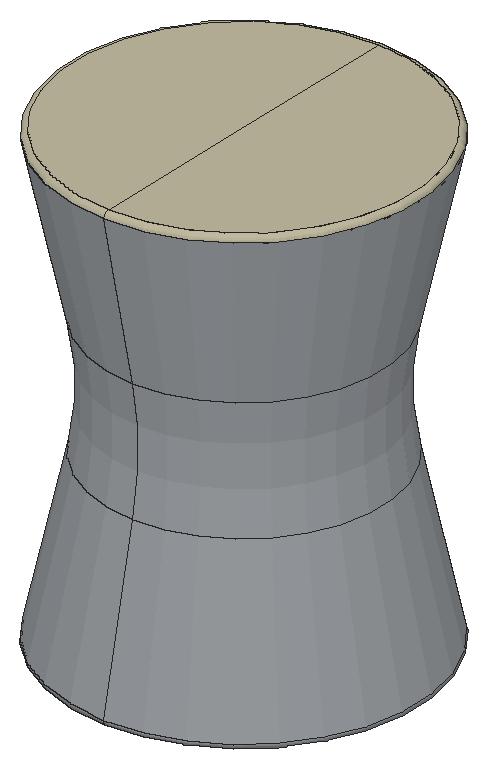
Revit family
Parameters
  URL = "http://www.martinbrattrud.com"
  Table Top [instance] = none
  Table [instance] = none
  SCS Certified Product = "Yes"
  Model = "Makayla 3310-15CH"
  Manufacturer = "Martin Brattrud, Inc."
  Keynote = "125000"
  Foot [instance] = none
  Copyright = "© 2013 Martin Brattrud, Inc."
  Authoring Version = "Revit Architecture 2010"
  Assembly Code = "E2020200"
Reference planes (in)
  plane 1 "Center Front/Back": y = 0
  plane 2: z = 0
  plane 3 "Center Left/Right": x = 0
Forms (in)
  Revolve 1, solid, material <- "Foot"
    sketch origin (0, -6.74282, 48) x (0, -1, 0) y (0, 0, 1)
      loop
        line (-0.375, -48) -> (-0.375, -47.75) -> (-0.75, -47.75) -> (-0.75, -47.90625)
        arc (-0.75, -47.90625) -> (-0.72254, -47.97254) -> (-0.65625, -48) r 0.09375
        line (-0.65625, -48) -> (-0.375, -48)
      axis (-0.375, -48) -> (-0.375, -47.75)
    angle from 0 to 360
  Revolve 2, solid, material <- "Table"
    sketch origin (0, 0, 0) x (0, 1, 0) y (0, 0, 1)
      loop
        line (0, 19.75) -> (-7.5, 19.75) -> (-5.93612, 12.73672)
        arc (-5.93612, 12.73672) -> (-5.64846, 10.125) -> (-5.93612, 7.51328) r 12
        line (-5.93612, 7.51328) -> (-7.50484, 0.47831)
        arc (-7.50484, 0.47831) -> (-7.46813, 0.32023) -> (-7.32183, 0.25) r 0.1875
        line (-7.32183, 0.25) -> (0, 0.25) -> (0, 19.75)
      axis (0, 19.75) -> (0, 0.25)
    angle from 0 to 360
  Revolve 3, solid, material <- "Table Top"
    sketch origin (0, 0, 0) x (0, 1, 0) y (0, 0, 1)
      loop
        line (0, 19.75) -> (0, 20) -> (-7.25, 20)
        arc (-7.25, 20) -> (-7.42678, 19.92678) -> (-7.5, 19.75) r 0.25
        line (-7.5, 19.75) -> (0, 19.75)
      axis (0, 20) -> (0, 19.75)
    angle from 0 to 360
  Revolve 4, solid, material <- "Foot"
    sketch origin (0, 6.74282, 48) x (0, 1, 0) y (0, 0, -1)
      loop
        line (-0.375, 48) -> (-0.65625, 48)
        arc (-0.65625, 48) -> (-0.72254, 47.97254) -> (-0.75, 47.90625) r 0.09375
        line (-0.75, 47.90625) -> (-0.75, 47.75) -> (-0.375, 47.75) -> (-0.375, 48)
      axis (-0.375, 48) -> (-0.375, 47.75)
    angle from 0 to 360
  Revolve 5, solid, material <- "Foot"
    sketch origin (6.74282, 0, 48) x (1, 0, 0) y (0, 0, 1)
      loop
        line (-0.375, -48) -> (-0.375, -47.75) -> (-0.75, -47.75) -> (-0.75, -47.90625)
        arc (-0.75, -47.90625) -> (-0.72254, -47.97254) -> (-0.65625, -48) r 0.09375
        line (-0.65625, -48) -> (-0.375, -48)
      axis (-0.375, -48) -> (-0.375, -47.75)
    angle from 0 to 360
  Revolve 6, solid, material <- "Foot"
    sketch origin (-6.74282, 0, 48) x (-1, 0, 0) y (0, 0, -1)
      loop
        line (-0.375, 48) -> (-0.65625, 48)
        arc (-0.65625, 48) -> (-0.72254, 47.97254) -> (-0.75, 47.90625) r 0.09375
        line (-0.75, 47.90625) -> (-0.75, 47.75) -> (-0.375, 47.75) -> (-0.375, 48)
      axis (-0.375, 48) -> (-0.375, 47.75)
    angle from 0 to 360
